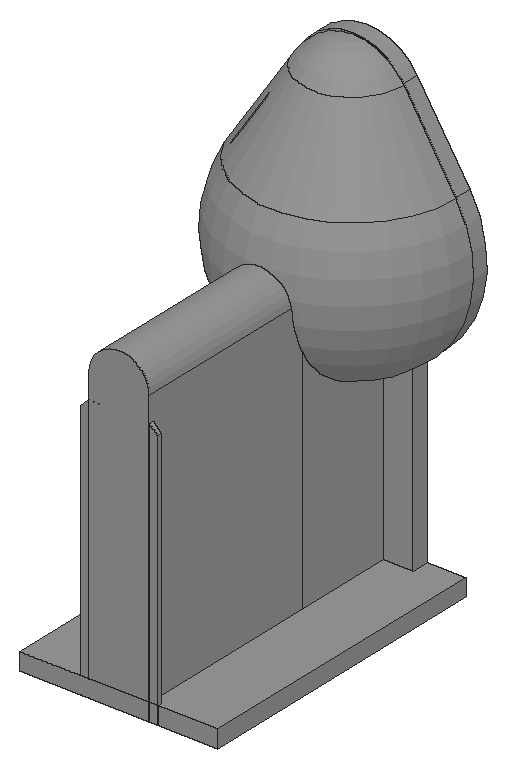
Revit family "Toilet-Willoughby-ETWS-1490-FM-TS-HC", category Plumbing Fixtures, Revit 2015
Parameters (values of type "Standard")
  Waste DIA = 2 3/8"
  Waste Connection = yes
  W-RAD [instance] = Waste DIA / 2  # 0' - 1 3/16"
  Vent Connection = no
  URL = "https://www.willoughby-ind.com/wp-content/uploads/2018/01/ETWS-1490-FM.pdf"
  Type Comments = ""
  Revision = "A"
  Model = "ETWS-1490-FM-TS-HC"
  Manufacturer = "Willoughby Industries"
  HW Connection = no
  Flush inlet DIA = 1 1/2"
  Flush Inlet Connection = yes
  Fixture Body = Stainless Steel AISI 304-Willoughby
  F-RAD [instance] = Flush inlet DIA / 2  # 0' - 0 3/4"
  Description = "Floor Mounted Siphon Jet Flush Toilet, Top Spud, Handicap Seat Height"
  Default Elevation = 0' - 0"
  Contact Number = "(800) 428-4065"
  CW Connection = no
Reference planes (in)
  plane 1 "Base": y = -16.25
  plane 2: z = 0
  plane 3 "Center": x = 18.31072
  plane 4 "Seat HGT": y = 1.75
  plane 5: x = 16.56072
  plane 6: x = 20.06072
  plane 7: x = 12.56072
  plane 8: x = 24.06072
  plane 9: z = 2.75
  plane 10 "Waste HGT": y = -7.75
  plane 11: z = 27.75
  plane 12: y = 0.75
Forms (in)
  Extrusion 1, solid, material "Stainless Steel AISI 304-Willoughby" <- "Fixture Body"
    sketch origin (16.08109, 7.47968, -5.1422) x (-1, 0, 0) y (0, 0, -1)
      loop
        line (1.29775, -16.80087) -> (1.29775, -5.1422) -> (-5.72963, -5.1422) -> (-5.72963, -16.81676)
        arc (-5.72963, -16.81676) -> (-8.98136, -21.11843) -> (-8.21015, -26.45542) r 7
        line (-8.21015, -26.45542) -> (-5.16818, -31.31054)
        arc (-5.16818, -31.31054) -> (-2.20225, -32.95225) -> (0.76368, -31.31054) r 3.5
        line (0.76368, -31.31054) -> (3.80565, -26.45542)
        arc (3.80565, -26.45542) -> (4.5729, -21.10311) -> (1.29775, -16.80087) r 7
      loop
        arc (2.03989, -24.70557) -> (-2.20225, -18.23804) -> (-6.44438, -24.70557) r 4.625
        line (-6.44438, -24.70557) -> (-4.04125, -30.23842)
        arc (-4.04125, -30.23842) -> (-2.20225, -31.45225) -> (-0.36324, -30.23842) r 2
        line (-0.36324, -30.23842) -> (2.03989, -24.70557)
    from 6.72968 to 5.72968
  Revolve 2, solid, material "Stainless Steel AISI 304-Willoughby" <- "Fixture Body"
    sketch origin (0, 0.75, -4.48509) x (0, 0, -1) y (-1, 0, 0)
      loop
        arc (-15.14589, -18.31072) -> (-18.69238, -12.22193) -> (-25.73826, -12.30282) r 7
        line (-25.73826, -12.30282) -> (-30.59339, -15.34479)
        arc (-30.59339, -15.34479) -> (-31.79729, -16.61573) -> (-32.23509, -18.31072) r 3.5
        line (-32.23509, -18.31072) -> (-31.98509, -18.31072)
        arc (-31.98509, -18.31072) -> (-31.57877, -16.73719) -> (-30.4614, -15.55711) r 3.25
        line (-30.4614, -15.55711) -> (-25.7313, -12.59169)
        arc (-25.7313, -12.59169) -> (-18.87779, -12.40462) -> (-15.39589, -18.31072) r 6.75
        line (-15.39589, -18.31072) -> (-15.14589, -18.31072)
      axis (-15.14589, -18.31072) -> (-32.23509, -18.31072)
    angle from 0 to 180
  Extrusion 3, solid, material "Stainless Steel AISI 304-Willoughby" <- "Fixture Body"
    sketch origin (19.53334, 0.25, -2.9508) x (0, 1, 0) y (0, 0, 1)
      loop
        line (-5.3329, 2.9508) -> (0.5, 2.9508) -> (0.5, 13.9354)
        arc (0.5, 13.9354) -> (-2.83546, 15.83336) -> (-5.3329, 18.74717) r 11.18349
        line (-5.3329, 18.74717) -> (-5.3329, 2.9508)
    from 0.52738 to -2.97262
  Extrusion 4, solid, material "Stainless Steel AISI 304-Willoughby" <- "Fixture Body", detail levels medium+fine
    sketch origin (0, 14.59309, 0) x (1, 0, 0) y (0, 1, 0)
      loop
        circle (18.31072, -22.34309) r 1.1875
    from 1 to -3
  Extrusion 5, solid, material "Stainless Steel AISI 304-Willoughby" <- "Fixture Body", detail levels medium+fine
    sketch origin (0, 1.11185, 0) x (1, 0, 0) y (0, 0, 1)
      loop
        circle (18.31072, 2.75) r 0.75
    from 0.36185 to -1.63815
  Extrusion 6, solid, material "Stainless Steel AISI 304-Willoughby" <- "Fixture Body"
    sketch origin (0, -16.25, 0) x (1, 0, 0) y (0, 0, 1)
      loop
        line (24.06072, 0) -> (24.06072, 1) -> (12.56072, 1) -> (12.56072, 0) -> (24.06072, 0)
    from -18 to 0
  Extrusion 7, solid, material "Stainless Steel AISI 304-Willoughby" <- "Fixture Body"
    sketch origin (0, -16.25, 2) x (1, 0, 0) y (0, 0, 1)
      loop
        line (20.06072, -2) -> (20.06072, 14.94894)
        arc (20.06072, 14.94894) -> (18.31072, 16.69894) -> (16.56072, 14.94894) r 1.75
        line (16.56072, 14.94894) -> (16.56072, -2) -> (20.06072, -2)
    from 0 to -11.1671
  Extrusion 8, solid, material "Stainless Steel AISI 304-Willoughby" <- "Fixture Body"
    sketch origin (0, -16.25, -1) x (1, 0, 0) y (0, 0, 1)
      loop
        line (20.56072, 1) -> (20.56072, 16.04076) -> (20.06072, 16.54076) -> (16.56072, 16.54076) -> (16.06072, 16.04076) -> (16.06072, 1) -> (16.56072, 1) -> (20.56072, 1)
    from 0 to -0.25
Lines and regions (in)
  symbolic lines
    curve 1: line (11.28334, 0.75, 0) -> (11.28334, 1.75, 0)
    curve 2: line (11.28334, 1.75, 0) -> (25.28334, 1.75, 0)
    curve 3: line (25.28334, 1.75, 0) -> (25.28334, 0.75, 0)
    curve 4: line (24.06072, -3.20245, 0) -> (24.06072, -16.25, 0)
    curve 5: line (24.06072, -16.25, 0) -> (12.56072, -16.25, 0)
    curve 6: line (12.56072, -16.25, 0) -> (12.56072, -3.28133, 0)
    curve 7: line (20.06072, -6.04377, 0) -> (20.06072, -16.25, 0)
    curve 8: line (16.56072, -6.03473, 0) -> (16.56072, -16.25, 0)
    curve 9: line (20.06072, -16, 0) -> (20.56072, -16, 0)
    curve 10: line (20.56072, -16, 0) -> (20.56072, -16.25, 0)
    curve 11: line (16.56072, -16, 0) -> (16.06072, -16, 0)
    curve 12: line (16.06072, -16, 0) -> (16.06072, -16.25, 0)
    curve 13: line (14.78334, -16.25, 11.65867) -> (14.78334, -16.25, 1)
    curve 14: line (14.78334, -16.25, 1) -> (12.56072, -16.25, 1)
    curve 15: line (12.56072, -16.25, 1) -> (12.56072, -16.25, 0)
    curve 16: line (12.56072, -16.25, 0) -> (24.06072, -16.25, 0)
    curve 17: line (24.06072, -16.25, 0) -> (24.06072, -16.25, 1)
    curve 18: line (24.06072, -16.25, 1) -> (21.81072, -16.25, 1)
    curve 19: line (21.81072, -16.25, 1) -> (21.81072, -16.25, 11.67456)
    curve 20: arc (21.81072, -16.25, 11.67456) -> (25.08541, -16.25, 15.97033) -> (24.29124, -16.25, 21.31322) r 6.94458
    curve 21: line (24.29124, -16.25, 21.31322) -> (21.24927, -16.25, 26.16835)
    curve 22: arc (21.24927, -16.25, 26.16835) -> (19.97832, -16.25, 27.37224) -> (18.28334, -16.25, 27.81005) r 3.5
    curve 23: arc (18.28334, -16.25, 27.81005) -> (16.58835, -16.25, 27.37224) -> (15.31741, -16.25, 26.16835) r 3.5
    curve 24: line (15.31741, -16.25, 26.16835) -> (12.35249, -16.25, 21.43905)
    curve 25: arc (12.35249, -16.25, 21.43905) -> (11.49002, -16.25, 16.03241) -> (14.78334, -16.25, 11.65867) r 7
    curve 31: line (18.31072, -6.1616, 18.69535) -> (18.31072, -16.25, 18.69535)
    curve 32: line (18.31072, -16.25, 18.69535) -> (18.31072, -16.25, 0)
    curve 33: line (18.31072, -16.25, 0) -> (18.31072, -1.25, 0)
    curve 34: line (18.31072, 1.75, 0) -> (18.31072, 1.75, 27.81005)
    curve 35: line (18.31072, 1.75, 27.81005) -> (18.31072, 0.75, 27.81005)
    curve 36: line (18.31072, 1.75, 11.65867) -> (18.31072, 0.75, 11.65867)
    curve 37: line (18.31072, 0.75, 11.65867) -> (18.31072, 0.75, 1)
    curve 38: line (18.31072, -2.02032, 1) -> (18.31072, -16.25, 1)
    curve 39: arc (18.31072, -6.1616, 18.69535) -> (18.31072, -4.40227, 13.31933) -> (18.31072, 0.75, 10.9846) r 7.02229
    curve 40: arc (18.31072, -6.1616, 18.69535) -> (18.31072, -5.86484, 20.02905) -> (18.31072, -5.2579, 21.25317) r 5.67466
    curve 41: line (18.31072, -5.2579, 21.25317) -> (18.31072, -2.16808, 26.19792)
    curve 42: arc (18.31072, -2.16808, 26.19792) -> (18.31072, -0.91692, 27.3648) -> (18.31072, 0.75, 27.75) r 3.30595
    curve 43: line (18.31072, 0.75, 27.75) -> (18.31072, 0.75, 27.81005)
    curve 44: arc (25.28334, 0.75, 0) -> (18.28334, -6.25, 0) -> (11.28334, 0.75, 0) r 7
  symbolic lines, detail levels fine
    curve 26: arc (14.0412, -16.25, 19.56337) -> (18.28334, -16.25, 13.09585) -> (22.52547, -16.25, 19.56337) r 4.625
    curve 27: line (22.52547, -16.25, 19.56337) -> (20.23477, -16.25, 24.83738)
    curve 28: arc (20.23477, -16.25, 24.83738) -> (19.45279, -16.25, 25.83044) -> (18.28334, -16.25, 26.31005) r 2.48373
    curve 29: arc (18.28334, -16.25, 26.31005) -> (17.13701, -16.25, 26.04679) -> (16.44433, -16.25, 25.09622) r 1.67984
    curve 30: line (16.44433, -16.25, 25.09622) -> (14.0412, -16.25, 19.56337)
Dimensions and locks (in)
  plane 1 "Base" to plane 4 "Seat HGT" = 1' - 6"
  plane 10 "Waste HGT" to plane 1 "Base" = 0' - 8 1/2"
  plane 1 "Base" to plane 10 "Waste HGT" = 0' - 8 1/2"
  locked: plane 7 to plane 8 at 11.5
  locked: plane 7 to plane 3 "Center" at 5.75
  plane 4 "Seat HGT" to plane 1 "Base" = 1' - 6"
  plane 4 "Seat HGT" to plane 12 = 0' - 1"
  "W-RAD": radius of Extrusion 4 sketch curve
  "F-RAD": radius of Extrusion 5 sketch curve
  aligned and locked: plane 3 "Center" to Extrusion 4 sketch curve
  aligned and locked: plane 3 "Center" to Extrusion 5 sketch curve
  aligned and locked: plane 9 to Extrusion 5 sketch curve
  aligned and locked: plane 10 "Waste HGT" to Extrusion 4 sketch curve
  aligned and locked: Extrusion 1 to Extrusion 5
  aligned and locked: Extrusion 1 to plane 4 "Seat HGT"
  aligned and locked: Extrusion 1 to Extrusion 6
  aligned and locked: curve 36 to Extrusion 1
Automatic sketch dimensions
  Extrusion 1 sketch curve to Extrusion 1 sketch curve = 0' - 0"  (x8)
  level to Extrusion 1 sketch curve = 0' - 0"
  plane 3 "Center" to Extrusion 1 sketch curve = 0' - 5.98052"
  Extrusion 1 sketch curve to Extrusion 1 sketch curve = 0' - 1.76576"  (x2)
  plane 3 "Center" to Extrusion 1 sketch curve = 0' - 3 1/2"
  plane 3 "Center" to Extrusion 1 sketch curve = 0' - 2.93855"
  Extrusion 1 sketch curve to Extrusion 1 sketch curve = 0' - 1.12693"  (x2)
  Extrusion 1 sketch curve to plane 3 "Center" = 0' - 0.02738"  (x2)
  Extrusion 1 sketch curve to plane 3 "Center" = 0' - 1.86639"
  Extrusion 1 sketch curve to plane 3 "Center" = 0' - 3.52738"
  Extrusion 1 sketch curve to plane 3 "Center" = 0' - 4 69/256"
  Extrusion 1 sketch curve to Extrusion 1 sketch curve = 0' - 11.65867"
  Extrusion 1 sketch curve to Extrusion 1 sketch curve = 0' - 0.01589"
  Extrusion 1 sketch curve to Extrusion 1 sketch curve = 0' - 6.06218"
  Extrusion 1 sketch curve to Extrusion 1 sketch curve = 0' - 1.74985"
  Extrusion 1 sketch curve to Extrusion 1 sketch curve = 0' - 4.74668"
  Extrusion 1 sketch curve to Extrusion 1 sketch curve = 0' - 0.78617"
  Extrusion 1 sketch curve to Extrusion 1 sketch curve = 0' - 1.07212"
  level to Extrusion 3 sketch curve = 0' - 0"
  Extrusion 3 sketch curve to plane 4 "Seat HGT" = 0' - 2.7812"
  Extrusion 3 sketch curve to Extrusion 3 sketch curve = 0' - 10.9846"
  Extrusion 3 sketch curve to Extrusion 3 sketch curve = 0' - 4.81177"
  Extrusion 6 sketch curve to plane 7 = 0' - 0"
  Extrusion 6 sketch curve to plane 8 = 0' - 0"
  Extrusion 6 sketch curve to level = 0' - 0"
  level to Extrusion 6 sketch curve = 0' - 1"
  level to Extrusion 7 sketch curve = 0' - 0"
  Extrusion 7 sketch curve to plane 6 = 0' - 0"
  plane 9 to Extrusion 7 sketch curve = 1' - 2.19894"
  plane 5 to Extrusion 7 sketch curve = 0' - 0"
  Extrusion 3 sketch curve to Extrusion 3 sketch curve = 0' - 5.8329"
  Extrusion 8 sketch curve to plane 5 = 0' - 0"  (x2)
  Extrusion 8 sketch curve to plane 6 = 0' - 0"
  Extrusion 8 sketch curve to Extrusion 8 sketch curve = 0' - 0 1/2"  (x3)
  plane 6 to Extrusion 8 sketch curve = 0' - 0 1/2"
  level to Extrusion 8 sketch curve = 0' - 0"
  plane 9 to Extrusion 8 sketch curve = 1' - 0.29076"
  curve 22 to curve 23 = 0' - 0"
  curve 25 to curve 26 = 0' - 0"  (x2)
  curve 16 to level = 0' - 0"
  curve 16 to plane 7 = 0' - 0"
  curve 17 to plane 8 = 0' - 0"
  curve 24 to plane 7 = 0' - 0.20823"
  curve 13 to plane 5 = 0' - 1.77738"
  curve 24 to plane 5 = 0' - 1.24331"
  curve 28 to plane 3 "Center" = 0' - 0.35407"
  curve 29 to plane 3 "Center" = 0' - 0.24834"
  curve 26 to plane 3 "Center" = 0' - 0.02738"
  curve 23 to plane 3 "Center" = 0' - 0.02738"
  plane 3 "Center" to curve 20 = 0' - 0.04925"
  plane 6 to curve 27 = 0' - 0.17405"
  plane 6 to curve 21 = 0' - 1.18855"
  plane 6 to curve 19 = 0' - 1 3/4"
  curve 27 to plane 8 = 0' - 1.53525"
  plane 8 to curve 21 = 0' - 0.23052"
  level to curve 14 = 0' - 1"
  level to curve 18 = 0' - 1"
  plane 9 to curve 13 = 0' - 8.90867"
  curve 13 to curve 19 = 0' - 0.01589"
  curve 19 to curve 20 = 0' - 6.02656"
  curve 20 to curve 26 = 0' - 0.01972"
  curve 27 to curve 20 = 0' - 1.74985"
  curve 28 to plane 11 = 0' - 3.9021"
  curve 28 to curve 23 = 0' - 0.46215"
  curve 23 to curve 29 = 0' - 0.33476"
  curve 23 to curve 27 = 0' - 0 135/256"
  curve 21 to plane 11 = 0' - 1.58165"
  plane 7 to curve 26 = 0' - 1 123/256"
  curve 30 to plane 5 = 0' - 0.11639"
  curve 29 to curve 28 = 0' - 0"
  Revolve 2 sketch curve to Revolve 2 sketch curve = 0' - 0"  (x2)
  Revolve 2 sketch curve to plane 3 "Center" = 0' - 0"  (x3)
  Revolve 2 sketch curve to plane 11 = 0' - 0"
  Revolve 2 sketch curve to plane 11 = 0' - 0 1/4"
  Revolve 2 sketch curve to plane 5 = 0' - 1.21593"
  Revolve 2 sketch curve to plane 11 = 0' - 1.6417"
  Revolve 2 sketch curve to plane 5 = 0' - 1.00361"
  Revolve 2 sketch curve to Revolve 2 sketch curve = 0' - 0.13199"
  plane 3 "Center" to Revolve 2 sketch curve = 0' - 0"
  Revolve 2 sketch curve to plane 7 = 0' - 0.2579"
  Revolve 2 sketch curve to Revolve 2 sketch curve = 0' - 4.85513"
  plane 7 to Revolve 2 sketch curve = 0' - 0.03097"
  Revolve 2 sketch curve to Revolve 2 sketch curve = 0' - 0.00696"
  Revolve 2 sketch curve to Revolve 2 sketch curve = 0' - 6.5892"
  Revolve 2 sketch curve to Revolve 2 sketch curve = 0' - 3 1/4"
  Revolve 2 sketch curve to Revolve 2 sketch curve = 0' - 2.4108"
  curve 31 to plane 1 "Base" = 0' - 0"
  curve 33 to level = 0' - 0"
  curve 42 to plane 11 = 0' - 0"
  curve 42 to plane 12 = 0' - 0"
  curve 36 to plane 4 "Seat HGT" = 0' - 0"
  curve 34 to level = 0' - 0"
  plane 10 "Waste HGT" to curve 31 = 0' - 1.5884"
  plane 10 "Waste HGT" to curve 41 = 0' - 2.4921"
  curve 40 to plane 12 = 0' - 1.26431"
  curve 42 to plane 12 = 0' - 0.11447"
  plane 12 to curve 39 = 0' - 0.07682"
  plane 9 to curve 36 = 0' - 8.90867"
  curve 36 to curve 39 = 0' - 6.34779"
  curve 39 to curve 40 = 0' - 0.1322"
  curve 42 to plane 11 = 0' - 3.30397"
  plane 11 to curve 35 = 0' - 0.06005"
  level to curve 37 = 0' - 1"
  level to curve 38 = 0' - 1"
  curve 41 to plane 11 = 0' - 1.55208"
  curve 38 to plane 12 = 0' - 2.77032"
  curve 38 to curve 33 = 0' - 0.77032"
  Extrusion 3 sketch curve to plane 12 = 0' - 0"
  curve 1 to plane 12 = 0' - 0"
  plane 4 "Seat HGT" to curve 1 = 0' - 0"
  curve 6 to plane 7 = 0' - 0"
  plane 1 "Base" to curve 12 = 0' - 0"
  curve 8 to plane 5 = 0' - 0"
  curve 7 to plane 6 = 0' - 0"
  curve 4 to plane 8 = 0' - 0"
  curve 2 to plane 7 = 0' - 1.27738"
  curve 11 to plane 1 "Base" = 0' - 0 1/4"
  curve 11 to curve 11 = 0' - 0 1/2"
  curve 44 to plane 3 "Center" = 0' - 0.02738"
  curve 10 to plane 1 "Base" = 0' - 0 1/4"
  plane 6 to curve 10 = 0' - 0 1/2"
  plane 10 "Waste HGT" to curve 7 = 0' - 1.70623"
Connectors (in)
  piping at (18.31072, -7.75, -3), diameter 2.375, driven by "W-RAD", driven by "Waste Connection"
    settings: on Extrusion 4, index 1, connector inside diameter 2 1/2", connector length 0' - 0", flow factor 0, pipe flow 0 GPM, pressure drop 0.00 psi, fitting loss kfactor 0, connector angle 0.00°, fixture units 0, engagement length 0' - 0", angle of deflection 0.00°, flow configuration 0, flow direction 2, fitting loss method 0, system type 16, joint type 0, gender type 0, connector reference index -1, connector utility 1, adjustable connector yes, is connector primary yes, connector description "Toilet Waste"
  piping at (18.31072, 2.75, 2.75), diameter 1.5, driven by "F-RAD", driven by "Flush Inlet Connection"
    settings: on Extrusion 5, index 2, connector inside diameter 1 1/2", connector length 0' - 0", flow factor 0, pipe flow 0 GPM, pressure drop 0.00 psi, fitting loss kfactor 0, connector angle 0.00°, fixture units 0, engagement length 0' - 0", angle of deflection 0.00°, flow configuration 0, flow direction 1, fitting loss method 0, system type 20, joint type 0, gender type 0, connector reference index -1, connector utility 1, adjustable connector no, is connector primary no, connector description "Flush Inlet"
